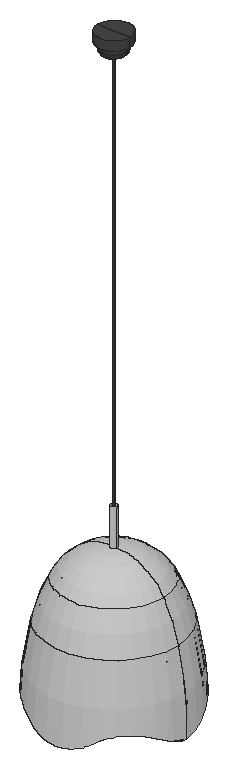
Revit family "Magnolia(12,16,20,24) MB", category Lighting Fixtures, Revit 2020
Family settings
  Round Connector Dimension = Use Diameter
  Part Type = Normal
  OmniClass Number = 23.80.70.00
  OmniClass Title = Lighting
  Work Plane-Based = No
  Always vertical = Yes
  Cut with Voids When Loaded = No
  Light Source = Yes
  Shared = No
  Room Calculation Point = No
Parameters (values of type "MDM24")
  Weight = "6.0bs"
  Wattage Comments = "60W Max"
  Wattage = 1.6 W
  Warranty = "5 year limited warranty"  # constant formula
  built-in parameter 1150110 = 1 (stored number, unit not read)
  Voltage = 277 V
  URL = "https://www.anplighting.com/assets/Uploads/product-attachments/specification-sheets/ANP-Specification-Sheet-MB-MDM24.pdf"
  built-in parameter 1114217 = 1 (stored number, unit not read)
  Tilt Angle = 90.00°
  built-in parameter 1150109 = 1 (stored number, unit not read)
  built-in parameter 1150134 = (empty or 0)
  built-in parameter 1150113 = 1 (stored number, unit not read)
  Mounting Option [instance] = 1
  Power Factor = 1
  Post Mount [instance] = Mounting Option = 5  # no
  Placement X axis side [instance] = if(Post Mount, 2' 2 15/32", if(Cord or Stem Mount, 0' 0", if(E36 20 inch, 1' 8 1/4", if(E 6 26 inch, 2' 2", if(E7 41 inch, 3' 5 1/4", 0' 1")))))  # 0' - 0"
  Photometric Web File = "MDM24M024LD35K.IES"
  Model = "MDM24"
  Manufacturer = "ANP Lighting"  # constant formula
  MDM24 = yes
  MDM20 = no
  MDM16 = no
  MDM12 = no
  built-in parameter 1150105 = 159.15 (stored number, unit not read)
  Lumens = 2000 lm
  built-in parameter 1150115 = 1 (stored number, unit not read)
  Load Classification = Lighting
  Light Source Height [instance] = 1' - 0"
  built-in parameter 1150137 = (empty or 0)
  built-in parameter 1150139 = (empty or 0)
  Light Elevation _2 [instance] = if(Post Mount, 0' 0.66142", if(E7 41 inch, 0' 0.66142", if(E36 20 inch, 0' 1.65748", if(E 6 26 inch, 0' 1.53543", if(Cord or Stem Mount, (0' 4.3622" + Cord Length), 0' 0")))))  # 6' - 4.3622"
  Light Elevation _1 [instance] = if(Post Mount, 0' 0", if(E7 41 inch, 0' 0", if(E36 20 inch, 0' 1", if(E 6 26 inch, 0' 0.87402", if(Cord or Stem Mount, (0' 3.66142" + Cord Length), 0' 0")))))  # 6' - 3.66142"
  Light Elevation [instance] = if(Post Mount, 14' 0.5315", if(E7 41 inch, 0' 0", 0' 0"))  # 0' - 0"
  Life = "L70 50,000 hours"  # constant formula
  built-in parameter 1150112 = 1 (stored number, unit not read)
  built-in parameter 1150114 = 1 (stored number, unit not read)
  Lamp = "MB"
  built-in parameter 1150132 = 2
  built-in parameter 1150102 = (empty or 0)
  built-in parameter 1150107 = 3500 (stored number, unit not read)
  built-in parameter 1150138 = (empty or 0)
  built-in parameter 1150106 = 1.5915 (stored number, unit not read)
  INSIDE BODY = INSIDE BODY
  Fixture Height = 2' - 0"
  Fixture Finish = Fixture Finish
  Fixture Diameter = 2' - 0"
  Efficiency = "65-125 lumens per watt"  # constant formula
  built-in parameter 1150104 = 116.13 (stored number, unit not read)
  E7 41 inch [instance] = Mounting Option = 4  # no
  E36 20 inch [instance] = Mounting Option = 3  # no
  E 6 26 inch [instance] = Mounting Option = 2  # no
  Dimming Lamp Color Temperature Shift = <None>
  Dimming = "1%"  # constant formula
  Description = "120-277 Voltage"  # constant formula
  Default Elevation = 0' - 0"
  Cord or Stem Mount [instance] = Mounting Option = 1  # yes
  Cord Length option [instance] = 0
  Cord Length [instance] = if([2' Cord], 2' 0", if([4' Cord], 4' 0", if([8' Cord], 8' 0", if([10' Cord], 10' 0", if([6' Cord], 6' 0", 6' 0")))))  # 6' - 0"
  Construction Material = "Heavy Duty spun aluminum."  # constant formula
  Color Filter = 16777215
  CRI = ">90"  # constant formula
  Body Material = body
  Body Colour = "Spun aluminium"  # constant formula
  built-in parameter 1114218 = 1 (stored number, unit not read)
  built-in parameter 1150133 = 10 (stored number, unit not read)
  Apparent Load = 60 VA
  8' Cord [instance] = Cord Length option = 8  # no
  6' Cord [instance] = Cord Length option = 6  # no
  4' Cord [instance] = Cord Length option = 4  # no
  2' Cord [instance] = Cord Length option = 2  # no
  10' Cord [instance] = Cord Length option = 10  # no
Types (5): name | Weight | Wattage | URL | Photometric Web File | Model | MDM24 | MDM20 | MDM16 | MDM12 | built-in parameter 1150105 | Lumens | Light Source Height | built-in parameter 1150106 | Fixture Height | Fixture Diameter | Cord Length option
  (no name) | "6.0bs" | 1.6 W | "https://www.anplighting.com/assets/Uploads/product-attachments/specification-sheets/ANP-Specification-Sheet-MB-MDM24.pdf" | "MDM24M024LD35K.IES" | "MDM24" | yes | no | no | no | 159.15 (stored number, unit not read) | 2000 lm | 1' - 0" | 1.5915 (stored number, unit not read) | 2' - 0" | 2' - 0" | 0
  MDM12 | "4.5lbs" | 1 W | "https://www.anplighting.com/assets/Uploads/product-attachments/specification-sheets/ANP-Specification-Sheet-MB-MDM12.pdf" | "MDM12M010LD35K.IES" | "MDM12" | no | no | no | yes | 99.472 (stored number, unit not read) | 1250 lm | 0' - 6" | 0.99472 (stored number, unit not read) | 1' - 0" | 1' - 0" | 3
  MDM16 | "5.0lbs" | 1.6 W | "https://www.anplighting.com/assets/Uploads/product-attachments/specification-sheets/ANP-Specification-Sheet-MB-MDM16.pdf" | "MDM16M016LD35K.IES" | "MDM16" | no | no | yes | no | 159.15 (stored number, unit not read) | 2000 lm | 0' - 8" | 1.5915 (stored number, unit not read) | 1' - 4" | 1' - 4" | 0
  MDM20 | "5.5bs" | 1.6 W | "https://www.anplighting.com/assets/Uploads/product-attachments/specification-sheets/ANP-Specification-Sheet-MB-MDM20.pdf" | "MDM20M016LD35K.IES" | "MDM20" | no | yes | no | no | 159.15 (stored number, unit not read) | 2000 lm | 1' - 0" | 1.5915 (stored number, unit not read) | 1' - 8" | 1' - 8" | 0
  MDM24 | "6.0bs" | 1.6 W | "https://www.anplighting.com/assets/Uploads/product-attachments/specification-sheets/ANP-Specification-Sheet-MB-MDM24.pdf" | "MDM24M024LD35K.IES" | "MDM24" | yes | no | no | no | 159.15 (stored number, unit not read) | 2000 lm | 1' - 0" | 1.5915 (stored number, unit not read) | 2' - 0" | 2' - 0" | 0
Reference planes (in)
  plane 1 "Light Source Axis (F/B)": y = 0
  plane 2: z = 0
  plane 3 "Light Source Axis (L/R)": x = 0
  plane 4 "Light Source Elevation": z = 0
  plane 5: z = 0
  plane 6: x = 0
  plane 7 "Bulb Position": z = -76.3622
  plane 8 "Canopy Position": z = -75.66142
  plane 9 "IES": z = -88.3622
Dimensions and locks (in)
  "Light Elevation": plane 5 to plane 2
  "Placement X axis side": plane 6 to plane 3 "Light Source Axis (L/R)"
  "Light Elevation _2": plane 5 to plane 7 "Bulb Position"
  "Light Elevation _1": plane 5 to plane 8 "Canopy Position"
  "Light Source Height": plane 7 "Bulb Position" to plane 9 "IES"
  locked: plane 4 "Light Source Elevation" to plane 2
  aligned and locked: level to plane 2
  aligned and locked: plane 1 "Light Source Axis (F/B)" to nested 5
  aligned and locked: nested 5 to plane 2
  aligned and locked: nested 1 to plane 3 "Light Source Axis (L/R)"
  aligned and locked: plane 3 "Light Source Axis (L/R)" to nested 2
  aligned and locked: plane 3 "Light Source Axis (L/R)" to nested 4
  aligned and locked: nested 3 to plane 5
  aligned and locked: plane 3 "Light Source Axis (L/R)" to nested 3
  aligned and locked: plane 3 "Light Source Axis (L/R)" to nested 5
  aligned and locked: plane 1 "Light Source Axis (F/B)" to nested 2
  aligned and locked: plane 1 "Light Source Axis (F/B)" to nested 1
  aligned and locked: plane 1 "Light Source Axis (F/B)" to nested 4
  aligned and locked: plane 1 "Light Source Axis (F/B)" to nested 3
  aligned and locked: plane 2 to nested 1
  aligned and locked: plane 2 to nested 2
  aligned and locked: nested 4 to plane 2
  aligned and locked: imposter light to plane 9 "IES"
  aligned and locked: imposter light to plane 6
  aligned and locked: nested 6 to plane 8 "Canopy Position"
  aligned and locked: nested 7 to plane 8 "Canopy Position"
  aligned and locked: nested 8 to plane 8 "Canopy Position"
  aligned and locked: nested 9 to plane 8 "Canopy Position"
  aligned and locked: nested 6 to plane 6
  aligned and locked: nested 7 to plane 6
  aligned and locked: nested 8 to plane 6
  aligned and locked: nested 9 to plane 6
Nested families (in)
  nested 1: "CORD OR STEM MOUNT" at (0, 0, -75.67), visible <- "Cord or Stem Mount", Cord or Stem Mount <- "Cord or Stem Mount", Body Material <- "Body Material", Light Elevation <- "Light Elevation", Cord Length <- "Cord Length", 10' Cord <- "10' Cord", 2' Cord <- "2' Cord", 4' Cord <- "4' Cord", 6' Cord <- "6' Cord", 8' Cord <- "8' Cord", type "CORD OR STEM MOUNT"
    with Light Elevation 0' - 0", Cord or Stem Mount yes, Cord Length 6' - 0", Body Material body, 8' Cord no, 6' Cord no, 4' Cord no, 2' Cord no, 10' Cord no
  nested 2: "E6 26 INCH" at (0, 0, 0), visible <- "E 6 26 inch", Chain Length <- "Cord Length", E 6 26 inch <- "E 6 26 inch", Placement X axis side <- "Placement X axis side", Body Material <- "Body Material", Light Elevation <- "Light Elevation", type "E6 26 INCH"
    with Placement X axis side 0' - 0", Light Elevation 0' - 0", E 6 26 inch no, Chain Length 6' - 0", Body Material body
  nested 3: "E7 41 INCH" at (0, 0, 0), Chain Length <- "Cord Length", visible <- "E7 41 inch", E7 41 inch <- "E7 41 inch", Placement X axis side <- "Placement X axis side", Body Material <- "Body Material", Light Elevation <- "Light Elevation", type "E7 41 INCH"
    with Placement X axis side 0' - 0", Light Elevation 0' - 0", E7 41 inch no, Chain Length 6' - 0", Body Material body
  nested 4: "E36 20 INCH" at (0, 0, 0), visible <- "E36 20 inch", E36 20 inch <- "E36 20 inch", Placement X axis side <- "Placement X axis side", Chain Length <- "Cord Length", Body Material <- "Body Material", Light Elevation <- "Light Elevation", type "E36 20 INCH"
    with Placement X axis side 0' - 0", Light Elevation 0' - 0", E36 20 inch no, Chain Length 6' - 0", Body Material body
  nested 5: "POST MOUNT" at (0, 0, 0), visible <- "Post Mount", Post Mount <- "Post Mount", Placement X axis side <- "Placement X axis side", Chain Length <- "Cord Length", Body Material <- "Body Material", Light Elevation <- "Light Elevation", type "POST MOUNT"
    with Post Mount no, Placement X axis side 0' - 0", Light Elevation 0' - 0", Chain Length 6' - 0", Body Material body
  nested 6: "MDM12 LED" at (0, 0, -87.66142), Body <- "Fixture Finish", INSIDE BODY <- "INSIDE BODY", visible <- "MDM12", MDM12 <- "MDM12", type "MDM12 LED"
    with MDM12 no, INSIDE BODY INSIDE BODY, Body Fixture Finish
  nested 7: "MDM16 LED" at (0, 0, -91.66142), Body <- "Fixture Finish", MDM16 <- "MDM16", visible <- "MDM16", INSIDE BODY <- "INSIDE BODY", type "MDM16 LED"
    with MDM16 no, INSIDE BODY INSIDE BODY, Body Fixture Finish
  nested 8: "MDM20 LED" at (0, 0, -95.66142), Body <- "Fixture Finish", MDM20 <- "MDM20", visible <- "MDM20", INSIDE BODY <- "INSIDE BODY", type "MDM20 LED"
    with MDM20 no, INSIDE BODY INSIDE BODY, Body Fixture Finish
  nested 9: "MDM24 LED" at (0, 0, -99.66142), Body <- "Fixture Finish", MDM24 <- "MDM24", visible <- "MDM24", INSIDE BODY <- "INSIDE BODY", type "MDM24 LED"
    with MDM24 yes, INSIDE BODY INSIDE BODY, Body Fixture Finish
Definition of nested family "CORD OR STEM MOUNT"
  Parameters (values of type "CORD OR STEM MOUNT")
    URL = ""
    Model = ""
    Manufacturer = ""
    Light Elevation [instance] = 1' - 7.69"
    Default Elevation = 0' - 0"
    Cord or Stem Mount [instance] = yes
    Cord Length [instance] = 6' - 0"
    Body Material [instance] = none
    8' Cord [instance] = no
    6' Cord [instance] = no
    4' Cord [instance] = no
    2' Cord [instance] = no
    10' Cord [instance] = no
  Reference planes (in)
    plane 1 "Light Source Axis (F/B)": y = 0
    plane 2: z = 0
    plane 3 "Light Source Axis (L/R)": x = 0
    plane 4 "Light Source Elevation": z = 23.125
    plane 5: z = 91.69
    plane 6: z = 19.69
  Forms (in)
    Extrusion 1, void, not visible
      sketch origin (0, 0, 2.38154) x (1, 0, 0) y (0, 0, 1)
        loop
          circle (0, 4.59925) r 0.16583
      from 1.18594 to 1.75
    Extrusion 2, void, not visible
      sketch origin (0, 0, 2.38154) x (0.707107, -0.707107, 0) y (0, 0, 1)
        loop
          circle (0, 4.59925) r 0.16583
      from 1.18594 to 1.75
    Extrusion 3, void, not visible
      sketch origin (0, 0, 2.38154) x (0.707107, 0.707107, 0) y (0, 0, 1)
        loop
          circle (0, 4.59925) r 0.16583
      from 1.18594 to 1.75
    Extrusion 4, void, not visible
      sketch origin (0, 0, 2.38154) x (0, 1, 0) y (0, 0, 1)
        loop
          circle (0, 4.59925) r 0.16583
      from 1.18594 to 1.75
    Extrusion 5, void, not visible
      sketch origin (0, 0, 2.38154) x (-0.707107, 0.707107, 0) y (0, 0, 1)
        loop
          circle (0, 4.59925) r 0.16583
      from 1.18594 to 1.75
    Extrusion 6, void, not visible
      sketch origin (0, 0, 2.38154) x (-1, 0, 0) y (0, 0, 1)
        loop
          circle (0, 4.59925) r 0.20678
      from 1.18594 to 1.75
    Extrusion 7, void, not visible
      sketch origin (0, 0, 2.38154) x (-0.707107, -0.707107, 0) y (0, 0, 1)
        loop
          circle (0, 4.59925) r 0.16583
      from 1.18594 to 1.75
    Extrusion 8, void, not visible
      sketch origin (0, 0, 2.38154) x (0, -1, 0) y (0, 0, 1)
        loop
          circle (0, 4.59925) r 0.16583
      from 1.18594 to 1.75
    Revolve 9, solid, material <- "Body Material", visible <- "Cord or Stem Mount"
      sketch origin (0, 0, 174.56698) x (1, 0, 0) y (0, 0, 1)
        loop
          line (2.6875, -79.20698) -> (0, -79.20698) -> (0, -82.87698) -> (0.125, -82.87698) -> (0.125, -82.83698) -> (0.75, -82.83698)
          arc (0.75, -82.83698) -> (0.81694, -82.77004) -> (0.75, -82.7031) r 0.06694
          line (0.75, -82.7031) -> (0.89763, -82.7031) -> (1.00223, -82.5985) -> (1.06587, -82.5985)
          arc (1.06587, -82.5985) -> (1.80099, -82.29401) -> (2.10549, -81.55888) r 1.03962
          line (2.10549, -81.55888) -> (2.10549, -81.03899)
          arc (2.10549, -81.03899) -> (2.12951, -80.981) -> (2.1875, -80.95698) r 0.08201
          line (2.1875, -80.95698) -> (2.1875, -80.70698) -> (2.6875, -80.70698) -> (2.6875, -79.20698)
        axis (0, -79.20698) -> (0, -82.87698)
      angle from 0 to 360
    Revolve 10, solid, material <- "Body Material", visible <- "Cord or Stem Mount"
      sketch origin (0, 0, 0) x (1, 0, 0) y (0, 0, 1)
        loop
          line (0, 91.69) -> (-0.125, 91.69) -> (-0.125, 19.69) -> (0, 19.69) -> (0, 91.69)
        axis (0, 19.69) -> (0, 91.69)
      angle from 0 to 360
  Dimensions and locks (in)
    "Light Elevation": plane 6 to plane 2
    "Cord Length": plane 5 to plane 6
    locked: Revolve 10 sketch curve to Revolve 10 sketch curve at 0.125
    aligned and locked: level to plane 2
    aligned and locked: Revolve 10 sketch curve to plane 3 "Light Source Axis (L/R)"
    aligned and locked: Revolve 10 sketch curve to plane 6
    aligned and locked: Revolve 10 sketch curve to plane 5
    aligned and locked: plane 3 "Light Source Axis (L/R)" to Revolve 10 sketch curve
  Automatic sketch dimensions
    Revolve 9 sketch curve to plane 3 "Light Source Axis (L/R)" = 0' - 0"  (x2)
    Revolve 9 sketch curve to plane 5 = 0' - 0"
    plane 3 "Light Source Axis (L/R)" to Revolve 9 sketch curve = 0' - 0 1/8"
    Revolve 9 sketch curve to plane 5 = 0' - 0.17388"
    Revolve 9 sketch curve to Revolve 9 sketch curve = 0' - 0 5/8"
    Revolve 9 sketch curve to Revolve 9 sketch curve = 0' - 0.14763"
    Revolve 9 sketch curve to plane 5 = 0' - 0.27847"
    Revolve 9 sketch curve to Revolve 9 sketch curve = 0' - 0.1046"
    Revolve 9 sketch curve to Revolve 9 sketch curve = 0' - 0.06364"
    Revolve 9 sketch curve to Revolve 9 sketch curve = 0' - 1.03962"
    Revolve 9 sketch curve to Revolve 9 sketch curve = 0' - 0 21/256"
    Revolve 9 sketch curve to Revolve 9 sketch curve = 0' - 0 1/2"  (x2)
    Revolve 9 sketch curve to Revolve 9 sketch curve = 0' - 0.51989"
    Revolve 9 sketch curve to Revolve 9 sketch curve = 0' - 0 1/4"
    Revolve 9 sketch curve to Revolve 9 sketch curve = 0' - 2.3519"
    Revolve 9 sketch curve to Revolve 9 sketch curve = 0' - 1 1/4"
    Revolve 9 sketch curve to Revolve 9 sketch curve = 0' - 0.04"
    Revolve 10 sketch curve to Revolve 10 sketch curve = 0' - 0 1/2"
    Revolve 10 sketch curve to Revolve 10 sketch curve = 0' - 0.42345"
Definition of nested family "MDM24 LED"
  Parameters (values of type "MDM24 LED")
    MDM24 [instance] = yes
    INSIDE BODY [instance] = none
    Default Elevation = 0' - 0"
    Body [instance] = none
  Reference planes (in)
    plane 1 "Center (Front/Back)": y = 0
    plane 2: z = 0
    plane 3 "Center (Left/Right)": x = 0
    plane 4: x = 12
    plane 5: x = -12
    plane 6: z = 24
  Forms (in)
    Revolve 1, solid, material <- "Body", visible <- "MDM24"
      sketch origin (0, 0, 0) x (1, 0, 0) y (0, 0, 1)
        loop
          line (-12, 0) -> (-11.96874, 0)
          arc (-11.96874, 0) -> (-11.71054, 6.63065) -> (-10.58462, 13.1701) r 50.4659
          arc (-10.58462, 13.1701) -> (-9.60535, 16.33963) -> (-8.23334, 19.35996) r 26.19418
          arc (-8.23334, 19.35996) -> (-4.98424, 22.68783) -> (-0.51279, 23.96746) r 9.06878
          line (-0.51279, 23.96746) -> (-0.51279, 23.99871)
          arc (-0.51279, 23.99871) -> (-5.00016, 22.71472) -> (-8.26073, 19.375) r 9.10003
          arc (-8.26073, 19.375) -> (-9.6345, 16.3509) -> (-10.615, 13.17742) r 26.22543
          arc (-10.615, 13.17742) -> (-11.74158, 6.63433) -> (-12, 0) r 50.49715
        axis (0, 0) -> (0, 23.99871)
      angle from 0 to 360
    Extrusion 2, void
      sketch origin (0, 0, 0) x (1, 0, 0) y (0, 0, 1)
        loop
          line (-12, 0) -> (12, 0)
          arc (12, 0) -> (11.14188, 1.53846) -> (9.74408, 2.61057) r 4.35081
          arc (9.74408, 2.61057) -> (8.94636, 2.86163) -> (8.11014, 2.87322) r 2.88353
          arc (8.11014, 2.87322) -> (7.06774, 2.56155) -> (6.0754, 2.11544) r 8.25184
          arc (6.0754, 2.11544) -> (3.72597, 0.77467) -> (1.11018, 0.08539) r 10.39635
          arc (1.11018, 0.08539) -> (0.55615, 0.03667) -> (0, 0.03179) r 7.04745
          arc (0, 0.03179) -> (-0.55615, 0.03667) -> (-1.11018, 0.08539) r 7.04745
          arc (-1.11018, 0.08539) -> (-3.72597, 0.77467) -> (-6.0754, 2.11544) r 10.39635
          arc (-6.0754, 2.11544) -> (-7.06774, 2.56155) -> (-8.11014, 2.87322) r 8.25184
          arc (-8.11014, 2.87322) -> (-8.94636, 2.86163) -> (-9.74408, 2.61057) r 2.88353
          arc (-9.74408, 2.61057) -> (-11.14188, 1.53846) -> (-12, 0) r 4.35081
      from -16.52437 to 19.58159
    Revolve 3, solid, material <- "Body", visible <- "MDM24"
      sketch origin (0, 0, 0) x (1, 0, 0) y (0, 0, 1)
        loop
          line (-0.51279, 23.99871) -> (0, 23.99871) -> (0, 29.99871) -> (-0.51279, 29.99871) -> (-0.51279, 23.99871)
        axis (0, 23.99871) -> (0, 29.99871)
      angle from 0 to 360
    Revolve 4, solid, material <- "INSIDE BODY", visible <- "MDM24"
      sketch origin (0.0383, 0, 0) x (1, 0, 0) y (0, 0, 1)
        loop
          line (-12, 0) -> (-11.96874, 0)
          arc (-11.96874, 0) -> (-11.71054, 6.63065) -> (-10.58462, 13.1701) r 50.4659
          arc (-10.58462, 13.1701) -> (-9.60776, 16.31768) -> (-8.23334, 19.31309) r 25.51424
          arc (-8.23334, 19.31309) -> (-5.00068, 22.63112) -> (-0.55108, 23.91976) r 9.06878
          line (-0.55108, 23.91976) -> (-0.55108, 23.95102)
          arc (-0.55108, 23.95102) -> (-5.01659, 22.65802) -> (-8.26073, 19.32813) r 9.10003
          arc (-8.26073, 19.32813) -> (-9.62825, 16.32564) -> (-10.615, 13.17742) r 26.69856
          arc (-10.615, 13.17742) -> (-11.74158, 6.63433) -> (-12, 0) r 50.49715
        axis (-0.0383, 0) -> (-0.0383, 23.95102)
      angle from 0 to 360
  Cuts and joins
    Extrusion 2 cuts Revolve 1
    Extrusion 2 cuts Revolve 4
  Dimensions and locks (in)
    plane 6 to plane 2 = 2' - 0"
    aligned and locked: plane 2 to level
Definition of nested family "E6 26 INCH"
  Parameters (values of type "E6 26 INCH")
    URL = ""
    Placement X axis side [instance] = 2' - 2"
    Model = ""
    Manufacturer = ""
    Light Elevation [instance] = 8' - 4"
    E 6 26 inch [instance] = yes
    Default Elevation = 0' - 0"
    Chain Length [instance] = 0' - 0"
    Body Material [instance] = none
  Reference planes (in)
    plane 1 "Light Source Axis (F/B)": y = 0
    plane 2: z = 0
    plane 3 "Light Source Axis (L/R)": x = 0
    plane 4 "Light Source Elevation": z = 23.125
    plane 5: z = 100
    plane 6: x = -26
    plane 7: z = 99.125
    plane 8: x = -24.12
    plane 9: x = -25.5474
  Forms (in)
    Extrusion 1, void, not visible
      sketch origin (0, 0, 2.38154) x (1, 0, 0) y (0, 0, 1)
        loop
          circle (0, 4.59925) r 0.16583
      from 1.18594 to 1.75
    Extrusion 2, void, not visible
      sketch origin (0, 0, 2.38154) x (0.707107, -0.707107, 0) y (0, 0, 1)
        loop
          circle (0, 4.59925) r 0.16583
      from 1.18594 to 1.75
    Extrusion 3, void, not visible
      sketch origin (0, 0, 2.38154) x (0.707107, 0.707107, 0) y (0, 0, 1)
        loop
          circle (0, 4.59925) r 0.16583
      from 1.18594 to 1.75
    Extrusion 4, void, not visible
      sketch origin (0, 0, 2.38154) x (0, 1, 0) y (0, 0, 1)
        loop
          circle (0, 4.59925) r 0.16583
      from 1.18594 to 1.75
    Extrusion 5, void, not visible
      sketch origin (0, 0, 2.38154) x (-0.707107, 0.707107, 0) y (0, 0, 1)
        loop
          circle (0, 4.59925) r 0.16583
      from 1.18594 to 1.75
    Extrusion 6, void, not visible
      sketch origin (0, 0, 2.38154) x (-1, 0, 0) y (0, 0, 1)
        loop
          circle (0, 4.59925) r 0.20678
      from 1.18594 to 1.75
    Extrusion 7, void, not visible
      sketch origin (0, 0, 2.38154) x (-0.707107, -0.707107, 0) y (0, 0, 1)
        loop
          circle (0, 4.59925) r 0.16583
      from 1.18594 to 1.75
    Extrusion 8, void, not visible
      sketch origin (0, 0, 2.38154) x (0, -1, 0) y (0, 0, 1)
        loop
          circle (0, 4.59925) r 0.16583
      from 1.18594 to 1.75
    Sweep 9, solid, material <- "Body Material", visible <- "E 6 26 inch"
      path origin (-41.25, 0, 168.51693) x (1, 0, 0) y (0, 0, 1)
        loop
          line (17.13, -68.51693) -> (27.68551, -68.51693)
          arc (27.68551, -68.51693) -> (28.47996, -68.34486) -> (29.13202, -67.8595) r 1.92004
          line (29.13202, -67.8595) -> (34.23651, -62.01155)
          arc (34.23651, -62.01155) -> (38.65464, -60.89667) -> (41.25, -64.64193) r 4
          line (41.25, -64.64193) -> (41.25, -69.39193)
      profile origin (-18.84224, 0, 100) x (0, 0, 1) y (0, -1, 0)
        loop
          circle (0, 0) r 0.5
    Revolve 10, solid, material <- "Body Material", visible <- "E 6 26 inch"
      sketch origin (-26, 0, 168.51693) x (1, 0, 0) y (0, 0, 1)
        loop
          line (0, -66.07943) -> (0, -68.51693) -> (1.88, -68.51693) -> (1.88, -67.69272) -> (0.4526, -67.69272) -> (0.4526, -66.54122) -> (0.33125, -66.54122) -> (0.33125, -66.07943) -> (0, -66.07943)
        axis (0, -68.51693) -> (1.88, -68.51693)
      angle from 0 to 360
    Extrusion 11, solid, material <- "Body Material", visible <- "E 6 26 inch"
      sketch origin (-26, 0, 168.51693) x (0, -1, 0) y (0, 0, -1)
        loop
          line (0.25, 68.51693) -> (0.25, 69.51693) -> (-0.25, 69.51693) -> (-0.25, 68.51693) -> (0.25, 68.51693)
      from 0.4526 to 1.88
  Cuts and joins
    joined: Revolve 10, Extrusion 11
  Dimensions and locks (in)
    "Light Elevation": plane 5 to plane 2
    "Placement X axis side": plane 3 "Light Source Axis (L/R)" to plane 6
    locked: plane 5 to plane 7 at 0.875
    Revolve 10 sketch curve to Revolve 10 sketch curve to Revolve 10 sketch curve to plane 6 = 0' - 1.4274" locked, 0' - 0.12135" locked, 0' - 0.33125" locked
    Revolve 10 sketch curve to Revolve 10 sketch curve to Revolve 10 sketch curve to plane 5 = 0' - 0.46179" locked, 0' - 1.1515" locked, 0' - 0 211/256" locked
    locked: Sweep 9 sketch curve to plane 6 at 1.88
    locked: Sweep 9 sketch curve to Sweep 9 sketch curve at 10.55551
    locked: Sweep 9 sketch curve to Sweep 9 sketch curve at 13.56449
    locked: Sweep 9 sketch curve to Sweep 9 sketch curve at 4.75
    locked: plane 9 to plane 6 at 0.4526
    locked: plane 8 to plane 9 at 1.4274
    aligned and locked: level to plane 2
    aligned and locked: Revolve 10 sketch curve to plane 6
    aligned and locked: plane 5 to Revolve 10 sketch curve
    aligned and locked: Revolve 10 sketch curve to plane 5
    aligned and locked: cut or joined group of Revolve 10, Extrusion 11 to plane 9
    aligned and locked: plane 8 to cut or joined group of Revolve 10, Extrusion 11
  Automatic sketch dimensions
    Sweep 9 sketch curve to plane 5 = 0' - 0"
    Sweep 9 sketch curve to Sweep 9 sketch curve = 0' - 4"
    Sweep 9 sketch curve to Sweep 9 sketch curve = 0' - 3.01349"
    plane 5 to Sweep 9 sketch curve = 0' - 0.65743"
    Sweep 9 sketch curve to Sweep 9 sketch curve = 0' - 1.4465"
    Sweep 9 sketch curve to plane 5 = 0' - 0 7/8"
    profile plane to Sweep 9 sketch curve = 0' - 0"
    Sweep 9 sketch curve to profile plane = 0' - 0"
    plane 6 to Revolve 10 sketch curve = 0' - 0.62562"
    Revolve 10 sketch curve to Revolve 10 sketch curve = 0' - 0 1/2"
    Extrusion 11 sketch curve to plane 5 = 0' - 0"
    plane 1 "Light Source Axis (F/B)" to Extrusion 11 sketch curve = 0' - 0 1/4"
    Extrusion 11 sketch curve to plane 1 "Light Source Axis (F/B)" = 0' - 0 1/4"
    plane 5 to Extrusion 11 sketch curve = 0' - 1"
    radius of Sweep 9 sketch curve = 0' - 0 1/2"
Definition of nested family "E7 41 INCH"
  Parameters (values of type "E7 41 INCH")
    URL = ""
    Placement X axis side [instance] = 4' - 2"
    Model = ""
    Manufacturer = ""
    Light Elevation [instance] = 8' - 4"
    E7 41 inch [instance] = yes
    Default Elevation = 0' - 0"
    Chain Length [instance] = 0' - 0"
    Body Material [instance] = none
  Reference planes (in)
    plane 1 "Light Source Axis (F/B)": y = 0
    plane 2: z = 0
    plane 3 "Light Source Axis (L/R)": x = 0
    plane 4 "Light Source Elevation": z = 23.125
    plane 5: z = 100
    plane 6: x = -50
  Forms (in)
    Extrusion 1, void, not visible
      sketch origin (0, 0, 2.38154) x (1, 0, 0) y (0, 0, 1)
        loop
          circle (0, 4.59925) r 0.16583
      from 1.18594 to 1.75
    Extrusion 2, void, not visible
      sketch origin (0, 0, 2.38154) x (0.707107, -0.707107, 0) y (0, 0, 1)
        loop
          circle (0, 4.59925) r 0.16583
      from 1.18594 to 1.75
    Extrusion 3, void, not visible
      sketch origin (0, 0, 2.38154) x (0.707107, 0.707107, 0) y (0, 0, 1)
        loop
          circle (0, 4.59925) r 0.16583
      from 1.18594 to 1.75
    Extrusion 4, void, not visible
      sketch origin (0, 0, 2.38154) x (0, 1, 0) y (0, 0, 1)
        loop
          circle (0, 4.59925) r 0.16583
      from 1.18594 to 1.75
    Extrusion 5, void, not visible
      sketch origin (0, 0, 2.38154) x (-0.707107, 0.707107, 0) y (0, 0, 1)
        loop
          circle (0, 4.59925) r 0.16583
      from 1.18594 to 1.75
    Extrusion 6, void, not visible
      sketch origin (0, 0, 2.38154) x (-1, 0, 0) y (0, 0, 1)
        loop
          circle (0, 4.59925) r 0.20678
      from 1.18594 to 1.75
    Extrusion 7, void, not visible
      sketch origin (0, 0, 2.38154) x (-0.707107, -0.707107, 0) y (0, 0, 1)
        loop
          circle (0, 4.59925) r 0.16583
      from 1.18594 to 1.75
    Extrusion 8, void, not visible
      sketch origin (0, 0, 2.38154) x (0, -1, 0) y (0, 0, 1)
        loop
          circle (0, 4.59925) r 0.16583
      from 1.18594 to 1.75
    Revolve 9, solid, material <- "Body Material", visible <- "E7 41 inch"
      sketch origin (-41.25, 0, 168.39193) x (1, 0, 0) y (0, 0, 1)
        loop
          line (-8.75, -66.20443) -> (-8.75, -68.51693) -> (-6.87, -68.51693) -> (-6.87, -67.69272) -> (-8.2974, -67.69272) -> (-8.2974, -66.54122) -> (-8.41875, -66.54122) -> (-8.41875, -66.20443) -> (-8.75, -66.20443)
        axis (-8.75, -68.51693) -> (-6.87, -68.51693)
      angle from 0 to 360
    Extrusion 10, solid, material <- "Body Material", visible <- "E7 41 inch"
      sketch origin (-41.25, 0, 168.39193) x (0, -1, 0) y (0, 0, -1)
        loop
          line (0.25, 68.51693) -> (0.25, 69.51693) -> (-0.25, 69.51693) -> (-0.25, 68.51693) -> (0.25, 68.51693)
      from -8.2974 to -6.87
    Sweep 11, solid, material <- "Body Material", visible <- "E7 41 inch"
      path origin (-41.25, 0, 168.39193) x (1, 0, 0) y (0, 0, 1)
        loop
          line (-6.87, -68.51693) -> (16.04011, -68.51693)
          arc (16.04011, -68.51693) -> (17.864, -68.13651) -> (19.38375, -67.0587) r 4.5625
          line (19.38375, -67.0587) -> (24.70217, -61.33018)
          arc (24.70217, -61.33018) -> (29.64465, -60.20324) -> (32.5, -64.39193) r 4.5
          line (32.5, -64.39193) -> (32.5, -68.39193)
      profile origin (-36.66494, 0, 99.875) x (0, 0, 1) y (0, -1, 0)
        loop
          circle (0, 0) r 0.5
  Dimensions and locks (in)
    "Placement X axis side": plane 3 "Light Source Axis (L/R)" to plane 6
    "Light Elevation": plane 5 to plane 2
    locked: Revolve 9 sketch curve to Revolve 9 sketch curve at 0.33125
    locked: Revolve 9 sketch curve to Revolve 9 sketch curve at 0.4526
    locked: Revolve 9 sketch curve to Revolve 9 sketch curve at 1.88
    locked: Revolve 9 sketch curve to Revolve 9 sketch curve at 0.82421
    locked: Revolve 9 sketch curve to Revolve 9 sketch curve at 1.1515
    locked: Revolve 9 sketch curve to Revolve 9 sketch curve at 0.33679
    locked: plane 5 to Revolve 9 sketch curve at 0.125
    locked: Extrusion 10 sketch curve to Extrusion 10 sketch curve at 0.5
    locked: Extrusion 10 sketch curve to Extrusion 10 sketch curve at 1
    locked: plane 5 to Extrusion 10 sketch curve at 0.125
    locked: plane 5 to Sweep 11 sketch curve at 0.125
    locked: Sweep 11 sketch curve to Sweep 11 sketch curve at 39.37
    locked: Sweep 11 sketch curve to Sweep 11 sketch curve at 4
    locked: plane 6 to Extrusion 10 at 0.4526
    locked: Sweep 11 sketch curve to plane 6 at 1.88
    locked: Extrusion 10 to Extrusion 10 at 1.4274
    aligned and locked: plane 2 to level
    aligned and locked: Revolve 9 sketch curve to plane 6
  Automatic sketch dimensions
    Revolve 9 sketch curve to plane 5 = 0' - 0 1/8"
    plane 6 to Revolve 9 sketch curve = 0' - 0.62562"
    Revolve 9 sketch curve to Revolve 9 sketch curve = 0' - 0 1/2"
    plane 1 "Light Source Axis (F/B)" to Extrusion 10 sketch curve = 0' - 0 1/4"
    Sweep 11 sketch curve to plane 5 = 0' - 0"
    Sweep 11 sketch curve to Sweep 11 sketch curve = 0' - 4 1/2"
    Sweep 11 sketch curve to Sweep 11 sketch curve = 0' - 3.29783"
    plane 5 to Sweep 11 sketch curve = 0' - 1.33323"
    Sweep 11 sketch curve to Sweep 11 sketch curve = 0' - 5.31842"
    Sweep 11 sketch curve to Sweep 11 sketch curve = 0' - 3.34364"
    profile plane to Sweep 11 sketch curve = 0' - 0"
    Sweep 11 sketch curve to profile plane = 0' - 0"
    radius of Sweep 11 sketch curve = 0' - 0 1/2"
Definition of nested family "E36 20 INCH"
  Parameters (values of type "E36 20 INCH")
    URL = ""
    Placement X axis side [instance] = 1' - 8 1/4"
    Model = ""
    Manufacturer = ""
    Light Elevation [instance] = 8' - 4"
    E36 20 inch [instance] = yes
    Default Elevation = 0' - 0"
    Chain Length [instance] = 0' - 0"
    Body Material [instance] = none
  Reference planes (in)
    plane 1 "Light Source Axis (F/B)": y = 0
    plane 2: z = 0
    plane 3 "Light Source Axis (L/R)": x = 0
    plane 4 "Light Source Elevation": z = 23.125
    plane 5: z = 99
    plane 6: x = -20.25
    plane 7: z = 100
    plane 8: x = -18.37008
    plane 9: x = -19.79724
  Forms (in)
    Extrusion 1, void, not visible
      sketch origin (0, 0, 2.38154) x (1, 0, 0) y (0, 0, 1)
        loop
          circle (0, 4.59925) r 0.16583
      from 1.18594 to 1.75
    Extrusion 2, void, not visible
      sketch origin (0, 0, 2.38154) x (0.707107, -0.707107, 0) y (0, 0, 1)
        loop
          circle (0, 4.59925) r 0.16583
      from 1.18594 to 1.75
    Extrusion 3, void, not visible
      sketch origin (0, 0, 2.38154) x (0.707107, 0.707107, 0) y (0, 0, 1)
        loop
          circle (0, 4.59925) r 0.16583
      from 1.18594 to 1.75
    Extrusion 4, void, not visible
      sketch origin (0, 0, 2.38154) x (0, 1, 0) y (0, 0, 1)
        loop
          circle (0, 4.59925) r 0.16583
      from 1.18594 to 1.75
    Extrusion 5, void, not visible
      sketch origin (0, 0, 2.38154) x (-0.707107, 0.707107, 0) y (0, 0, 1)
        loop
          circle (0, 4.59925) r 0.16583
      from 1.18594 to 1.75
    Extrusion 6, void, not visible
      sketch origin (0, 0, 2.38154) x (-1, 0, 0) y (0, 0, 1)
        loop
          circle (0, 4.59925) r 0.20678
      from 1.18594 to 1.75
    Extrusion 7, void, not visible
      sketch origin (0, 0, 2.38154) x (-0.707107, -0.707107, 0) y (0, 0, 1)
        loop
          circle (0, 4.59925) r 0.16583
      from 1.18594 to 1.75
    Extrusion 8, void, not visible
      sketch origin (0, 0, 2.38154) x (0, -1, 0) y (0, 0, 1)
        loop
          circle (0, 4.59925) r 0.16583
      from 1.18594 to 1.75
    Sweep 9, solid, material <- "Body Material", visible <- "E36 20 inch"
      path origin (-41.25, 0, 169.51693) x (1, 0, 0) y (0, 0, 1)
        loop
          line (22.88, -69.51693) -> (28.93827, -69.51693)
          arc (28.93827, -69.51693) -> (29.97705, -69.28152) -> (30.81284, -68.62128) r 2.40953
          line (30.81284, -68.62128) -> (34.13807, -64.50378)
          arc (34.13807, -64.50378) -> (38.58272, -63.24548) -> (41.25, -67.01693) r 4
          line (41.25, -67.01693) -> (41.25, -70.51693)
      profile origin (-15.34086, 0, 100) x (0, 0, 1) y (0, -1, 0)
        loop
          circle (0, 0) r 0.5
    Revolve 10, solid, material <- "Body Material", visible <- "E36 20 inch"
      sketch origin (-20.25, 0, 169.51693) x (1, 0, 0) y (0, 0, 1)
        loop
          line (0, -67.20443) -> (0, -69.51693) -> (1.88, -69.51693) -> (1.88, -68.69272) -> (0.4526, -68.69272) -> (0.4526, -67.54122) -> (0.33125, -67.54122) -> (0.33125, -67.20443) -> (0, -67.20443)
        axis (0, -69.51693) -> (1.88, -69.51693)
      angle from 0 to 360
    Extrusion 11, solid, material <- "Body Material", visible <- "E36 20 inch"
      sketch origin (-20.25, 0, 169.51693) x (0, -1, 0) y (0, 0, -1)
        loop
          line (0.25, 69.51693) -> (0.25, 70.51693) -> (-0.25, 70.51693) -> (-0.25, 69.51693) -> (0.25, 69.51693)
      from 1.87992 to 0.45276
  Cuts and joins
    joined: Revolve 10, Extrusion 11
  Dimensions and locks (in)
    "Light Elevation": plane 7 to plane 2
    "Placement X axis side": plane 3 "Light Source Axis (L/R)" to plane 6
    locked: plane 7 to plane 5 at 1
    Revolve 10 sketch curve to Revolve 10 sketch curve to Revolve 10 sketch curve to plane 7 = 0' - 0.33679" locked, 0' - 1.1515" locked, 0' - 0 211/256" locked
    locked: Sweep 9 sketch curve to plane 6 at 1.88
    locked: Sweep 9 sketch curve to Sweep 9 sketch curve at 6.05827
    locked: Sweep 9 sketch curve to Sweep 9 sketch curve at 12.31173
    locked: Sweep 9 sketch curve to Sweep 9 sketch curve at 3.5
    Revolve 10 sketch curve to Revolve 10 sketch curve to Revolve 10 sketch curve to plane 6 = 0' - 1.4274" locked, 0' - 0.12135" locked, 0' - 0.33125" locked
    locked: plane 9 to plane 6 at 0.45276
    locked: plane 8 to plane 9 at 1.42717
    aligned and locked: level to plane 2
    aligned and locked: plane 7 to Revolve 10 sketch curve
    aligned and locked: Revolve 10 sketch curve to plane 7
    aligned and locked: Revolve 10 sketch curve to plane 6
    aligned and locked: cut or joined group of Revolve 10, Extrusion 11 to plane 9
    aligned and locked: plane 8 to cut or joined group of Revolve 10, Extrusion 11
  Automatic sketch dimensions
    Sweep 9 sketch curve to plane 7 = 0' - 0"
    Sweep 9 sketch curve to plane 5 = 0' - 0"
    Sweep 9 sketch curve to Sweep 9 sketch curve = 0' - 4"
    Sweep 9 sketch curve to plane 7 = 0' - 0.89565"
    Sweep 9 sketch curve to Sweep 9 sketch curve = 0' - 3.32523"
    Sweep 9 sketch curve to Sweep 9 sketch curve = 0' - 1.87457"
    profile plane to Sweep 9 sketch curve = 0' - 0"
    Sweep 9 sketch curve to profile plane = 0' - 0"
    plane 6 to Revolve 10 sketch curve = 0' - 0.62562"
    Revolve 10 sketch curve to Revolve 10 sketch curve = 0' - 0 1/2"
    plane 7 to Extrusion 11 sketch curve = 0' - 0"
    Extrusion 11 sketch curve to plane 5 = 0' - 0"
    plane 1 "Light Source Axis (F/B)" to Extrusion 11 sketch curve = 0' - 0 1/4"
    Extrusion 11 sketch curve to plane 1 "Light Source Axis (F/B)" = 0' - 0 1/4"
    radius of Sweep 9 sketch curve = 0' - 0 1/2"
Definition of nested family "POST MOUNT"
  Parameters (values of type "POST MOUNT")
    URL = ""
    Post Mount [instance] = yes
    Placement X axis side [instance] = 2' - 2 1/2"
    Model = ""
    Manufacturer = ""
    Light Elevation [instance] = 14' - 0.5168"
    Default Elevation = 0' - 0"
    Chain Length [instance] = 0' - 0"
    Body Material [instance] = none
  Reference planes (in)
    plane 1 "Light Source Axis (F/B)": y = 0
    plane 2: z = 0
    plane 3 "Light Source Axis (L/R)": x = 0
    plane 4 "Light Source Elevation": z = 23.125
    plane 5: x = -26.5
    plane 6: z = 168.5168
  Forms (in)
    Extrusion 1, void, not visible
      sketch origin (0, 0, 2.38154) x (1, 0, 0) y (0, 0, 1)
        loop
          circle (0, 4.59925) r 0.16583
      from 1.18594 to 1.75
    Extrusion 2, void, not visible
      sketch origin (0, 0, 2.38154) x (0.707107, -0.707107, 0) y (0, 0, 1)
        loop
          circle (0, 4.59925) r 0.16583
      from 1.18594 to 1.75
    Extrusion 3, void, not visible
      sketch origin (0, 0, 2.38154) x (0.707107, 0.707107, 0) y (0, 0, 1)
        loop
          circle (0, 4.59925) r 0.16583
      from 1.18594 to 1.75
    Extrusion 4, void, not visible
      sketch origin (0, 0, 2.38154) x (0, 1, 0) y (0, 0, 1)
        loop
          circle (0, 4.59925) r 0.16583
      from 1.18594 to 1.75
    Extrusion 5, void, not visible
      sketch origin (0, 0, 2.38154) x (-0.707107, 0.707107, 0) y (0, 0, 1)
        loop
          circle (0, 4.59925) r 0.16583
      from 1.18594 to 1.75
    Extrusion 6, void, not visible
      sketch origin (0, 0, 2.38154) x (-1, 0, 0) y (0, 0, 1)
        loop
          circle (0, 4.59925) r 0.20678
      from 1.18594 to 1.75
    Extrusion 7, void, not visible
      sketch origin (0, 0, 2.38154) x (-0.707107, -0.707107, 0) y (0, 0, 1)
        loop
          circle (0, 4.59925) r 0.16583
      from 1.18594 to 1.75
    Extrusion 8, void, not visible
      sketch origin (0, 0, 2.38154) x (0, -1, 0) y (0, 0, 1)
        loop
          circle (0, 4.59925) r 0.16583
      from 1.18594 to 1.75
    Revolve 9, solid, material <- "Body Material", visible <- "Post Mount"
      sketch origin (-7.90508, 0, 0) x (1, 0, 0) y (0, 0, 1)
        loop
          line (-18.59492, 3.92912) -> (-16.29831, 3.92912) -> (-16.29831, 4.2668) -> (-16.91413, 4.2668) -> (-16.91413, 134.5168) -> (-17.16413, 134.5168) -> (-17.16413, 137.3918) -> (-17.05979, 137.3918)
          arc (-17.05979, 137.3918) -> (-16.93479, 137.5168) -> (-17.05979, 137.6418) r 0.125
          line (-17.05979, 137.6418) -> (-17.48032, 137.6418) -> (-17.48032, 139.0793) -> (-17.73032, 139.0793) -> (-17.73032, 139.5793) -> (-18.59492, 139.5793) -> (-18.59492, 3.92912)
        axis (-18.59492, 139.5793) -> (-18.59492, 3.92912)
      angle from 0 to 360
    Extrusion 10, solid, material <- "Body Material", visible <- "Post Mount"
      sketch origin (0, 0, 0) x (1, 0, 0) y (0, 1, 0)
        loop
          line (-20.5, 5.93079) -> (-32.5, 5.93079) -> (-32.5, -6.06921) -> (-20.5, -6.06921) -> (-20.5, 5.93079)
      from 0 to 3.92912
    Sweep 11, solid, material <- "Body Material", visible <- "Post Mount"
      path origin (0, 0, 48.5) x (1, 0, 0) y (0, 0, 1)
        loop
          line (0, 120.0168) -> (0, 128.0168)
          arc (0, 128.0168) -> (-13.25, 141.2668) -> (-26.5, 128.0168) r 13.25
          line (-26.5, 128.0168) -> (-26.5, 91.0793)
      profile origin (0, 0, 172.5168) x (-1, 0, 0) y (0, -1, 0)
        loop
          circle (0, 0) r 0.5
    Revolve 12, solid, material <- "Body Material", visible <- "Post Mount"
      sketch origin (0, 0, 0) x (1, 0, 0) y (0, 0, 1)
        loop
          line (0, 168.5168) -> (0.75, 168.5168) -> (0.75, 170.7668) -> (0, 170.7668) -> (0, 168.5168)
        axis (0, 170.7668) -> (0, 168.5168)
      angle from 0 to 360
  Cuts and joins
    joined: Revolve 9, Extrusion 10, Sweep 11, Revolve 12
  Dimensions and locks (in)
    "Placement X axis side": plane 3 "Light Source Axis (L/R)" to plane 5
    "Light Elevation": plane 6 to plane 2
    locked: Revolve 12 sketch curve to plane 5 at 26.5  (x2)
    locked: Revolve 9 sketch curve to plane 2 at 3.92912
    locked: Revolve 9 sketch curve to plane 5 at 2.29661
    locked: Revolve 9 sketch curve to plane 5 at 1.68079
    locked: Revolve 9 sketch curve to plane 5 at 1.43079
    locked: Revolve 9 sketch curve to plane 5 at 1.11461
    locked: Revolve 9 sketch curve to plane 5 at 0.86461
    locked: Revolve 9 sketch curve to Revolve 9 sketch curve at 130.58768
    locked: Revolve 9 sketch curve to Revolve 9 sketch curve at 2.875
    locked: Revolve 9 sketch curve to Revolve 9 sketch curve at 0.25
    locked: Revolve 9 sketch curve to Revolve 9 sketch curve at 1.4375
    locked: Revolve 9 sketch curve to Revolve 9 sketch curve at 0.5
    locked: Sweep 11 sketch curve to Sweep 11 sketch curve at 26.5
    locked: Revolve 12 sketch curve to Revolve 12 sketch curve at 0.75
    locked: cut or joined group of Revolve 9, Extrusion 10, Sweep 11, Revolve 12 to plane 2 at 139.5793
    aligned and locked: level to plane 2
    aligned and locked: plane 5 to Sweep 11 sketch curve
    aligned and locked: Revolve 9 sketch curve to plane 5
  Automatic sketch dimensions
    Revolve 9 sketch curve to plane 5 = 0' - 0"
    Revolve 9 sketch curve to Revolve 9 sketch curve = 0' - 0.10434"
    Revolve 9 sketch curve to Revolve 9 sketch curve = 0' - 0.33768"
    Revolve 9 sketch curve to Revolve 9 sketch curve = 0' - 0 1/4"
    Revolve 9 sketch curve to Revolve 9 sketch curve = 0' - 0 7/16"
    Extrusion 10 sketch curve to plane 5 = 0' - 6"
    plane 5 to Extrusion 10 sketch curve = 0' - 6"
    plane 1 "Light Source Axis (F/B)" to Extrusion 10 sketch curve = 0' - 6.06921"
    Extrusion 10 sketch curve to plane 1 "Light Source Axis (F/B)" = 0' - 5.93079"
    Sweep 11 sketch curve to profile plane = 0' - 0"
    profile plane to Sweep 11 sketch curve = 0' - 0"
    Sweep 11 sketch curve to plane 6 = 0' - 0"
    Sweep 11 sketch curve to plane 6 = 0' - 8"
    plane 6 to Sweep 11 sketch curve = 2' - 4 15/16"
    Revolve 12 sketch curve to plane 6 = 0' - 0"
    Revolve 12 sketch curve to plane 6 = 0' - 2 1/4"
    Revolve 12 sketch curve to Revolve 12 sketch curve = 0' - 0 1/2"
    Revolve 12 sketch curve to Revolve 12 sketch curve = 0' - 0"
    radius of Sweep 11 sketch curve = 0' - 0 1/2"
Definition of nested family "MDM12 LED"
  Parameters (values of type "MDM12 LED")
    MDM12 [instance] = yes
    INSIDE BODY [instance] = none
    Default Elevation = 0' - 0"
    Body [instance] = none
  Reference planes (in)
    plane 1 "Center (Front/Back)": y = 0
    plane 2: z = 0
    plane 3 "Center (Left/Right)": x = 0
    plane 4: x = 6
    plane 5: x = -6
    plane 6: z = 12
  Forms (in)
    Revolve 1, solid, material <- "Body", visible <- "MDM12"
      sketch origin (0, 0, 0) x (1, 0, 0) y (0, 0, 1)
        loop
          line (-6, 0) -> (-5.96873, 0)
          arc (-5.96873, 0) -> (-5.65043, 4.50725) -> (-4.40817, 8.85161) r 21.7613
          arc (-4.40817, 8.85161) -> (-2.75966, 10.99446) -> (-0.23768, 11.96861) r 5.00971
          line (-0.23768, 11.96861) -> (-0.23768, 12)
          arc (-0.23768, 12) -> (-2.77717, 11.02038) -> (-4.43717, 8.86327) r 5.04096
          arc (-4.43717, 8.86327) -> (-5.68112, 4.51319) -> (-6, 0) r 21.79255
        axis (0, 0) -> (0, 12)
      angle from 0 to 360
    Extrusion 2, void
      sketch origin (0, 0, 0) x (1, 0, 0) y (0, 0, 1)
        loop
          line (-6, 0) -> (6, 0)
          arc (6, 0) -> (5.46656, 0.83934) -> (4.62722, 1.37278) r 2.28627
          arc (4.62722, 1.37278) -> (4.04933, 1.43098) -> (3.47145, 1.37278) r 2.89834
          arc (3.47145, 1.37278) -> (2.17381, 0.74523) -> (0.83915, 0.20081) r 22.83196
          arc (0.83915, 0.20081) -> (0.42629, 0.08891) -> (0, 0.05365) r 2.3517
          arc (0, 0.05365) -> (-0.42629, 0.08891) -> (-0.83915, 0.20081) r 2.3517
          arc (-0.83915, 0.20081) -> (-2.17381, 0.74523) -> (-3.47145, 1.37278) r 22.83196
          arc (-3.47145, 1.37278) -> (-4.04933, 1.43098) -> (-4.62722, 1.37278) r 2.89834
          arc (-4.62722, 1.37278) -> (-5.46656, 0.83934) -> (-6, 0) r 2.28627
      from -16.52437 to 12
    Revolve 3, solid, material <- "Body", visible <- "MDM12"
      sketch origin (0, 0, 0) x (1, 0, 0) y (0, 0, 1)
        loop
          line (-0.23768, 12) -> (0, 12) -> (0, 15.09544) -> (-0.23768, 15.09544) -> (-0.23768, 12)
        axis (0, 12) -> (0, 15.09544)
      angle from 0 to 360
    Revolve 4, solid, material <- "INSIDE BODY", visible <- "MDM12"
      sketch origin (0.16345, 0, 0) x (1, 0, 0) y (0, 0, 1)
        loop
          line (-6.127, 0) -> (-6.09574, 0)
          arc (-6.09574, 0) -> (-5.76998, 4.47554) -> (-4.53317, 8.78911) r 21.7613
          arc (-4.53317, 8.78911) -> (-2.88466, 10.93196) -> (-0.36268, 11.90611) r 5.00971
          line (-0.36268, 11.90611) -> (-0.36268, 11.9375)
          arc (-0.36268, 11.9375) -> (-2.90217, 10.95788) -> (-4.56217, 8.80077) r 5.04096
          arc (-4.56217, 8.80077) -> (-5.80067, 4.48148) -> (-6.127, 0) r 21.79255
        axis (-0.16345, 0) -> (-0.16345, 11.9375)
      angle from 0 to 360
  Cuts and joins
    Extrusion 2 cuts Revolve 1
    Extrusion 2 cuts Revolve 4
  Dimensions and locks (in)
    aligned and locked: plane 2 to level
Definition of nested family "MDM20 LED"
  Parameters (values of type "MDM20 LED")
    MDM20 [instance] = yes
    INSIDE BODY [instance] = none
    Default Elevation = 0' - 0"
    Body [instance] = none
  Reference planes (in)
    plane 1 "Center (Front/Back)": y = 0
    plane 2: z = 0
    plane 3 "Center (Left/Right)": x = 0
    plane 4: x = 10
    plane 5: x = -10
    plane 6: z = 20
  Forms (in)
    Revolve 1, solid, material <- "Body", visible <- "MDM20"
      sketch origin (0, 0, 0) x (1, 0, 0) y (0, 0, 1)
        loop
          line (-10, 0) -> (-9.96875, 0)
          arc (-9.96875, 0) -> (-9.7033, 5.37328) -> (-8.84581, 10.68434) r 48.61918
          arc (-8.84581, 10.68434) -> (-7.63039, 14.11593) -> (-5.63842, 17.16308) r 15.29496
          arc (-5.63842, 17.16308) -> (-3.27396, 19.07791) -> (-0.36467, 19.96858) r 7.97997
          line (-0.36467, 19.96858) -> (-0.36467, 20)
          arc (-0.36467, 20) -> (-3.28718, 19.10627) -> (-5.66236, 17.18317) r 8.01122
          arc (-5.66236, 17.18317) -> (-7.65842, 14.12976) -> (-8.87632, 10.69111) r 15.32621
          arc (-8.87632, 10.69111) -> (-9.73436, 5.37669) -> (-10, 0) r 48.65043
        axis (0, 0) -> (0, 20)
      angle from 0 to 360
    Extrusion 2, void
      sketch origin (0, 0, 0) x (1, 0, 0) y (0, 0, 1)
        loop
          line (-10, 0) -> (10, 0)
          arc (10, 0) -> (9.14568, 1.267) -> (7.87868, 2.12132) r 4.00111
          arc (7.87868, 2.12132) -> (6.65086, 2.32659) -> (5.46356, 1.95244) r 2.66801
          arc (5.46356, 1.95244) -> (3.40224, 0.88793) -> (1.22183, 0.09545) r 18.12478
          arc (1.22183, 0.09545) -> (0.61318, 0.0201) -> (0, 0.03142) r 4.33378
          arc (0, 0.03142) -> (-0.61318, 0.0201) -> (-1.22183, 0.09545) r 4.33378
          arc (-1.22183, 0.09545) -> (-3.40224, 0.88793) -> (-5.46356, 1.95244) r 18.12478
          arc (-5.46356, 1.95244) -> (-6.65086, 2.32659) -> (-7.87868, 2.12132) r 2.66801
          arc (-7.87868, 2.12132) -> (-9.14568, 1.267) -> (-10, 0) r 4.00111
      from -16.52437 to 12
    Revolve 3, solid, material <- "Body", visible <- "MDM20"
      sketch origin (0, 0, 0) x (1, 0, 0) y (0, 0, 1)
        loop
          line (-0.31871, 20) -> (0, 20) -> (0, 24.92066) -> (-0.31871, 24.92066) -> (-0.31871, 20)
        axis (0, 20) -> (0, 24.92066)
      angle from 0 to 360
    Revolve 4, solid, material <- "INSIDE BODY", visible <- "MDM20"
      sketch origin (0.03684, 0, 0) x (1, 0, 0) y (0, 0, 1)
        loop
          arc (-0.40151, 19.93354) -> (-3.30353, 19.03506) -> (-5.66236, 17.12067) r 8.01122
          arc (-5.66236, 17.12067) -> (-7.63839, 14.10756) -> (-8.85632, 10.71638) r 15.32621
          line (-8.85632, 10.71638) -> (-8.87005, 10.65694)
          arc (-8.87005, 10.65694) -> (-9.7103, 5.35802) -> (-9.98633, 0) r 50.73789
          line (-9.98633, 0) -> (-9.95508, 0)
          arc (-9.95508, 0) -> (-9.69268, 5.3441) -> (-8.84465, 10.62702) r 48.61918
          arc (-8.84465, 10.62702) -> (-7.62921, 14.05581) -> (-5.63842, 17.10058) r 15.29496
          arc (-5.63842, 17.10058) -> (-3.29031, 19.00669) -> (-0.40151, 19.9021) r 7.97997
          line (-0.40151, 19.9021) -> (-0.40151, 19.93354)
        axis (-0.03684, 0) -> (-0.03684, 19.93354)
      angle from 0 to 360
  Cuts and joins
    Extrusion 2 cuts Revolve 1
    Extrusion 2 cuts Revolve 4
  Dimensions and locks (in)
    plane 6 to plane 2 = 1' - 8"
    aligned and locked: plane 2 to level
